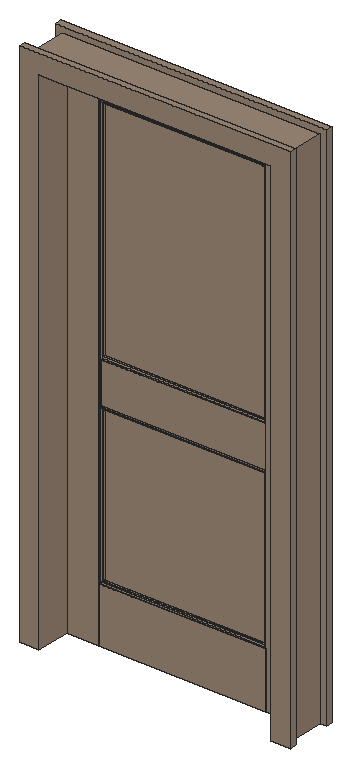
Revit family "Door-Exterior-Simpson-Traditional-2_Panel", category Doors, host Wall, Revit 2012
Parameters (values of type "SEE CATALOG")
  Wood Species Note = "Available in Any Wood Species"
  Wood Species = "http://simpsondoor.com/e-catalog/#10"
  WaterBarrier with UltraBlock Technology = no
  WaterBarrier Note = "This Door Comes with The Option of WaterBarrier with UltraBlock Technology. It is Turn Off as a Default"
  UltraBlock Option = yes
  UltraBlock Note = "This Door Comes with The Option of UltraBlock Technology. It is Turn On as a Default"
  URL = "http://www.simpsondoor.com/"
  Top Rail Height = 3 15/16"
  Thickness = 1 3/4"  # constant formula
  Rough Width = Width - (Frame Width * 2)  # 30"
  Rough Height = Height - Frame Width  # 77"
  Product Page URL = "http://www.simpsondoor.com/door-products/exterior/traditional-doors/"
  Product Documentation Link = "http://www.simpsondoor.com/technical-information/detail-drawings/6000/S-6170-102-608.5-0700.pdf"
  Panel Thickness = 3/4"
  Panel Stile Width = 5"
  Panel = Wood - Simpson Doors - Douglas Fir
  Model = "6173"
  Manufacturer = "Simpson Door Company"  # constant formula
  Lower Panel Height = 24 3/4"
  Lock Rail Height = 6 1/2"
  Height = 80"
  Function = 1
  Frame Width = 3"
  Frame = Wood - Simpson Doors - Douglas Fir
  Description = "Door"
  Default Sill Height = 0"  # constant formula
  Wall Closure = (empty or 0)
  Width = 36"
  Bottom Rail Height = 8 11/16"
  Assembly Code = "B2030230"
Values of the unnamed type that differ from the named types
  Function = Exterior
  Wall Closure = By host
Reference planes (in)
  plane 1 "Center (Front/Back)": y = 0
  plane 2: z = 0
  plane 3 "Center (Left/Right)": x = 0
  plane 4 "Left": x = -18
  plane 5 "Right": x = 18
  plane 6 "Sill": z = 0
  plane 7 "Top": z = 80
Lines and regions (in)
  Opening 1
    outline origin (-60, -3, 0) x (1, 0, 0) y (0, 0, 1)
      loop
        line (42, 80) -> (42, 0) -> (78, 0) -> (78, 80) -> (42, 80)
Text (in)
  text "EXTERIOR" at (-58.6888, 50.90694, 0), in view "Ref. Level"
  text "INTERIOR" at (-58.6888, -37.76638, 0), in view "Ref. Level"
  text "Exterior" at (0, 43.65631, 123.19604), in view "Left"
  text "Exterior" at (0, 18.29385, 125.04747), in view "Right"
Dimensions and locks (in)
  equal spacing: plane 4 "Left", plane 3 "Center (Left/Right)", plane 5 "Right"
  "Width": plane 4 "Left" to plane 5 "Right"
  "Height": plane 6 "Sill" to plane 7 "Top"
  "Default Sill Height": plane 2 to plane 6 "Sill"
  aligned and locked: plane 7 "Top" to Opening 1 sketch curve
  aligned and locked: plane 6 "Sill" to Opening 1 sketch curve  (x2)
  aligned and locked: plane 5 "Right" to Opening 1 sketch curve
  aligned and locked: plane 4 "Left" to Opening 1 sketch curve
  aligned and locked: level to plane 2
  aligned and locked: plane 3 "Center (Left/Right)" to nested 1
  aligned and locked: nested 2 to plane 4 "Left"
  aligned and locked: nested 3 to plane 3 "Center (Left/Right)"
  aligned and locked: host wall to nested 1
  aligned and locked: nested 4 to nested 1
  aligned and locked: nested 1 to nested 1
  aligned and locked: plane 6 "Sill" to nested 3
Nested families (in)
  nested 1: "Traditional-Door_Edge" at (0, 2.125, 0), type "Panel"
  nested 2: "Single Swing Door" at (0, 0, 0) x (-1, 0, 0) z (0, 0, 1), type "Swing"
    with Side Offset 5"
  nested 3: "Frame" at (0, 0, 0) x (-1, 0, 0) z (0, 0, 1), type "Standard"
    with Rough Height 82", Function 1, Height 80"
  nested 4: "Traditional-Panel_2_Panel" at (0, 2.125, 0), type "Panel"
Definition of nested family "Traditional-Door_Edge"
  Parameters (values of type "Panel")
    Width = 36"
    Top Offset = 3 15/16"
    Thickness = 1 3/4"
    Side Offset = 5"
    Panel Material = Wood - Simpson Doors - Douglas Fir
    Height = 80"
    Bottom Offset = 8 11/16"
  Reference planes (in)
    plane 1 "Center (Front/Back)": y = 0
    plane 2 "Bottom": z = 0
    plane 3 "Center (Left/Right)": x = 0
    plane 4: x = -18
    plane 5: y = 0.875
    plane 6: x = 18
    plane 7: y = -0.875
    plane 8: z = 80
    plane 9: x = 13
    plane 10: x = -13
    plane 11: z = 76.0625
    plane 12: y = -0.375
    plane 13: y = 0.375
    plane 14: z = 8.6875
  Forms (in)
    Extrusion 1, solid, material "Wood - Simpson Doors - Douglas Fir" <- "Panel Material"
      sketch origin (0, 0, 0) x (1, 0, 0) y (0, 0, 1)
        loop
          line (-18, 80) -> (-18, 0) -> (-13, 0) -> (-13, 80) -> (-18, 80)
        loop
          line (18, 80) -> (13, 80) -> (13, 0) -> (18, 0) -> (18, 80)
      from -0.875 to 0.875
    Extrusion 2, solid, material "Wood - Simpson Doors - Douglas Fir" <- "Panel Material"
      sketch origin (0, -0.875, 0) x (1, 0, 0) y (0, 0, 1)
        loop
          line (-13, 80) -> (-13, 76.0625) -> (13, 76.0625) -> (13, 80) -> (-13, 80)
        loop
          line (-13, 8.6875) -> (-13, 0) -> (13, 0) -> (13, 8.6875) -> (-13, 8.6875)
      from -1.75 to 0
  Dimensions and locks (in)
    equal spacing: plane 5, plane 1 "Center (Front/Back)", plane 7
    equal spacing: plane 4, plane 3 "Center (Left/Right)", plane 6
    "Width": plane 4 to plane 6
    "Thickness": plane 5 to plane 7
    "Height": plane 8 to level
    "Side Offset": plane 10 to plane 4
    "Top Offset": plane 8 to plane 11
    equal spacing: plane 13, plane 1 "Center (Front/Back)", plane 12
    plane 13 to plane 12 = 3/4"
    "Bottom Offset": plane 14 to plane 2 "Bottom"
    "Side Offset": plane 6 to plane 9
    aligned and locked: plane 2 "Bottom" to level
    aligned and locked: Extrusion 1 sketch curve to plane 4
    aligned and locked: Extrusion 1 sketch curve to plane 6
    aligned and locked: Extrusion 1 sketch curve to level  (x2)
    aligned and locked: Extrusion 1 sketch curve to plane 8  (x2)
    aligned and locked: plane 5 to Extrusion 1
    aligned and locked: Extrusion 1 to plane 7
    aligned and locked: Extrusion 1 to plane 9
    aligned and locked: Extrusion 2 sketch curve to Extrusion 1  (x2)
    aligned and locked: Extrusion 1 to Extrusion 2 sketch curve  (x2)
    aligned and locked: plane 11 to Extrusion 2 sketch curve
    aligned and locked: Extrusion 2 sketch curve to plane 9
    aligned and locked: Extrusion 2 sketch curve to plane 14
    aligned and locked: plane 10 to Extrusion 2 sketch curve
    aligned and locked: plane 5 to Extrusion 2
    aligned and locked: Extrusion 2 to plane 7
  Automatic sketch dimensions
    Extrusion 1 sketch curve to plane 10 = 0"
    Extrusion 1 sketch curve to plane 9 = 0"
Definition of nested family "Frame"
  Parameters (values of type "Standard")
    Rough Width = Width + 4"  # 40"
    Rough Height = Height + 2"  # 86"
    Function = (empty or 0)
    Frame Projection Ext. = 1"
    Frame Projection Int. = Frame Projection Ext.  # 1"
    Frame Width = 3"
    Height = 84"
    Wall Closure = (empty or 0)
    Width = 36"
    Frame = none
  Reference planes (in)
    plane 1 "Center (Front/Back)": y = 0
    plane 2 "Center (Left/Right)": x = 0
    plane 3 "Left": x = -18
    plane 4 "Right": x = 18
    plane 5 "Top": z = 84
    plane 6 "Exterior": y = 3
    plane 7 "Interior": y = -3
    plane 8: x = -21
    plane 9: x = 21
    plane 10: x = -20
    plane 11: x = 20
    plane 12: z = 86
    plane 13 "Bottom": z = 0
  Forms (in)
    Extrusion 1, solid, material <- "Frame"
      sketch origin (-90, 3, 0) x (-1, 0, 0) y (0, 0, 1)
        loop
          line (-108, 84) -> (-72, 84) -> (-72, 0) -> (-69, 0) -> (-69, 87) -> (-111, 87) -> (-111, 0) -> (-108, 0) -> (-108, 84)
      from 0 to 1
    Extrusion 2, solid, material <- "Frame"
      sketch origin (-90, -3, 0) x (1, 0, 0) y (0, 0, 1)
        loop
          line (72, 0) -> (72, 84) -> (108, 84) -> (108, 0) -> (111, 0) -> (111, 87) -> (69, 87) -> (69, 0) -> (72, 0)
      from 0 to 1
    Sweep 3, solid, material <- "Frame"
      path in 3D
        loop
          line (18, 4, 0) -> (18, 4, 84) -> (-18, 4, 84) -> (-18, 4, 0)
      profile origin (-18, 4, 42) x (1, 0, 0) y (0, 1, 0)
        loop
          line (0, -7) -> (0, -1) -> (-2, -1) -> (-2, -7) -> (0, -7)
  Cuts and joins
    joined: Extrusion 1, Extrusion 2, Sweep 3
  Lines and regions (in)
    Opening 1
      outline origin (-90, -3, 0) x (1, 0, 0) y (0, 0, 1)
        loop
          line (70, 0) -> (110, 0) -> (110, 86) -> (70, 86) -> (70, 0)
    Masking region 1, detail levels medium+fine
      outline origin (0, 0, 0) x (1, 0, 0) y (0, 1, 0)
        loop
          line (-18, 4) -> (-21, 4) -> (-21, 3) -> (-20, 3) -> (-20, -3) -> (-21, -3) -> (-21, -4) -> (-18, -4) -> (-18, 4)
        loop
          line (21, 4) -> (18, 4) -> (18, -4) -> (21, -4) -> (21, -3) -> (20, -3) -> (20, 3) -> (21, 3) -> (21, 4)
    Masking region 2, detail levels coarse
      outline origin (0, 0, 0) x (1, 0, 0) y (0, 1, 0)
        loop
          line (-18, 3) -> (-20, 3) -> (-20, -3) -> (-18, -3) -> (-18, 3)
        loop
          line (20, 3) -> (18, 3) -> (18, -3) -> (20, -3) -> (20, 3)
    sketch lines
      curve 1: line (-18, 4, 84) -> (-18, 4, 0)
      curve 2: line (18, 4, 84) -> (-18, 4, 84)
      curve 3: line (18, 4, 0) -> (18, 4, 84)
  Text (in)
    text "Exterior" at (-74.96733, 27.31104, 0), in view "Ref. Level"
    text "Interior" at (-74.96733, -25.14366, 0), in view "Ref. Level"
    text "Exterior" at (0, 40.15149, 123.01588), in view "Right"
    text "Interior" at (0, -64.39139, 123.01588), in view "Right"
    text "Interior" at (0, -31.01599, 123.00693), in view "Left"
    text "Exterior" at (0, 54.57065, 123.00693), in view "Left"
  Dimensions and locks (in)
    equal spacing: plane 3 "Left", plane 2 "Center (Left/Right)", plane 4 "Right"
    "Height": level to plane 5 "Top"
    "Frame Width": Extrusion 2 sketch curve to plane 3 "Left"
    "Frame Width": Extrusion 2 sketch curve to plane 4 "Right"
    "Frame Width": Extrusion 2 sketch curve to plane 5 "Top"
    "Frame Width": Extrusion 1 sketch curve to Extrusion 1 sketch curve  (x2)
    "Frame Width": Extrusion 1 sketch curve to plane 5 "Top"
    host wall to plane 5 "Top" = 84"
    "Frame Projection Int.": Extrusion 2 to host wall
    "Frame Projection Ext.": Extrusion 1 to host wall
    "Width": plane 3 "Left" to plane 4 "Right"
    "Frame Width": plane 8 to plane 3 "Left"
    "Frame Width": plane 4 "Right" to plane 9
    equal spacing: plane 10, plane 2 "Center (Left/Right)", plane 11
    "Rough Width": plane 10 to plane 11
    "Rough Height": level to plane 12
    aligned and locked: Opening 1 sketch curve to level
    aligned and locked: plane 5 "Top" to Extrusion 1 sketch curve  (x2)
    aligned and locked: plane 3 "Left" to Extrusion 1 sketch curve
    aligned and locked: Extrusion 1 sketch curve to plane 3 "Left"
    aligned and locked: level to Extrusion 1 sketch curve
    aligned and locked: plane 4 "Right" to Extrusion 1 sketch curve
    aligned and locked: Extrusion 1 to host wall
    aligned and locked: plane 3 "Left" to Extrusion 2 sketch curve
    aligned and locked: plane 5 "Top" to Extrusion 2 sketch curve  (x2)
    aligned and locked: plane 4 "Right" to Extrusion 2 sketch curve  (x2)
    aligned and locked: level to Extrusion 2 sketch curve
    aligned and locked: Extrusion 2 sketch curve to level
    aligned and locked: Extrusion 2 to host wall
    aligned and locked: plane 6 "Exterior" to host wall
    aligned and locked: plane 7 "Interior" to host wall
    aligned and locked: Opening 1 sketch curve to plane 11
    aligned and locked: plane 10 to Opening 1 sketch curve
    aligned and locked: Opening 1 sketch curve to plane 12
    aligned and locked: Sweep 3 sketch curve to plane 7 "Interior"
    aligned and locked: plane 13 "Bottom" to level
    aligned and locked: cut or joined group of Extrusion 1, Extrusion 2, Sweep 3 to Masking region 1 sketch curve  (x2)
    aligned and locked: Masking region 1 sketch curve to plane 3 "Left"
    aligned and locked: Masking region 1 sketch curve to plane 8  (x2)
    aligned and locked: Masking region 1 sketch curve to cut or joined group of Extrusion 1, Extrusion 2, Sweep 3  (x2)
    aligned and locked: Masking region 1 sketch curve to plane 7 "Interior"  (x2)
    aligned and locked: Masking region 1 sketch curve to plane 10
    aligned and locked: Masking region 1 sketch curve to plane 6 "Exterior"  (x2)
    aligned and locked: Masking region 1 sketch curve to plane 4 "Right"
    aligned and locked: plane 9 to Masking region 1 sketch curve  (x2)
    aligned and locked: plane 11 to Masking region 1 sketch curve
    aligned and locked: Masking region 2 sketch curve to plane 6 "Exterior"  (x2)
    aligned and locked: Masking region 2 sketch curve to plane 7 "Interior"  (x2)
    aligned and locked: Masking region 2 sketch curve to plane 3 "Left"
    aligned and locked: Masking region 2 sketch curve to plane 10
    aligned and locked: Masking region 2 sketch curve to plane 4 "Right"
    aligned and locked: plane 11 to Masking region 2 sketch curve
  Automatic sketch dimensions
    Extrusion 1 sketch curve to level = 0"
    Extrusion 2 sketch curve to level = 0"
    profile plane to Sweep 3 sketch curve = 1"
    profile plane to Sweep 3 sketch curve = 0"
    Sweep 3 sketch curve to profile plane = 2"
Definition of nested family "Traditional-Panel_2_Panel"
  Parameters (values of type "Panel")
    Width = 36"
    Thickness = 1 3/4"
    Panel Width = Width - (Stile Width * 2)  # 26"
    Lower Panel Height = 24 3/4"
    Insert Thickness = 3/4"
    Height = 80"
    Divide Width = 6 1/2"
    Divide Thickness = Thickness - (13/128" * 2)  # 1 35/64"
    Top Rail Height = 3 15/16"
    Stile Width = 5"
    Panel Material = Wood - Simpson Doors - Douglas Fir
    Insert Height = Height - Top Rail Height - Bottom Rail Height  # 67 3/8"
    Bottom Rail Height = 8 11/16"
  Reference planes (in)
    plane 1 "Center (Front/Back)": y = 0
    plane 2 "Bottom": z = 0
    plane 3 "Center (Left/Right)": x = 0
    plane 4: x = -18
    plane 5: y = 0.875
    plane 6: x = 18
    plane 7: y = -0.875
    plane 8: z = 80
    plane 9: x = 13
    plane 10: x = -13
    plane 11: z = 76.0625
    plane 12: y = -0.375
    plane 13: y = 0.375
    plane 14: z = 8.6875
  Forms (in)
    Extrusion 1, solid, material "Wood - Simpson Doors - Douglas Fir" <- "Panel Material"
      sketch origin (0, 0, 0) x (1, 0, 0) y (0, 0, 1)
        loop
          line (-13, 76.0625) -> (-13, 8.6875) -> (13, 8.6875) -> (13, 76.0625) -> (-13, 76.0625)
      from -0.375 to 0.375
    Sweep 2, solid, material "Wood - Simpson Doors - Douglas Fir" <- "Panel Material", detail levels medium+fine
      path origin (-50.72999, 0.375, 48) x (-1, 0, 0) y (0, 0, 1)
        loop
          line (-37.72999, 28.0625) -> (-63.72999, 28.0625) -> (-63.72999, -39.3125) -> (-37.72999, -39.3125) -> (-37.72999, 28.0625)
      profile "Traditional-Edge_Detail : Edge" origin (0, 0.375, 76.0625) x (0, 0, 1) y (0, -1, 0)
        loop
          line (-0.5, 0) -> (-0.49011, -0.11305)
          arc (-0.49011, -0.11305) -> (-0.46951, -0.15878) -> (-0.42492, -0.18175) r 0.07606
          line (-0.42492, -0.18175) -> (-0.37471, -0.1888)
          arc (-0.37471, -0.1888) -> (-0.33618, -0.30741) -> (-0.22747, -0.3685) r 0.17139
          line (-0.22747, -0.3685) -> (0, -0.40047) -> (0, 0) -> (-0.5, 0)
    Sweep 3, solid, material "Wood - Simpson Doors - Douglas Fir" <- "Panel Material", detail levels medium+fine
      path origin (-50.72999, -0.375, 48) x (-1, 0, 0) y (0, 0, 1)
        loop
          line (-37.72999, 28.0625) -> (-63.72999, 28.0625) -> (-63.72999, -39.3125) -> (-37.72999, -39.3125) -> (-37.72999, 28.0625)
      profile "Traditional-Edge_Detail : Edge" origin (0, -0.375, 76.0625) x (0, 0, -1) y (0, 1, 0)
        loop
          line (0.5, 0) -> (0, 0) -> (0, -0.40047) -> (0.22747, -0.3685)
          arc (0.22747, -0.3685) -> (0.33618, -0.30741) -> (0.37471, -0.1888) r 0.17139
          line (0.37471, -0.1888) -> (0.42492, -0.18175)
          arc (0.42492, -0.18175) -> (0.46951, -0.15878) -> (0.49011, -0.11305) r 0.07606
          line (0.49011, -0.11305) -> (0.5, 0)
  Lines and regions (in)
    reference lines
      curve 1: line (-18, -0.375, 33.4375) -> (18, -0.375, 33.4375)
  Dimensions and locks (in)
    equal spacing: plane 5, plane 1 "Center (Front/Back)", plane 7
    equal spacing: plane 4, plane 3 "Center (Left/Right)", plane 6
    "Width": plane 4 to plane 6
    "Thickness": plane 5 to plane 7
    "Height": plane 8 to level
    "Stile Width": plane 10 to plane 4
    "Top Rail Height": plane 8 to plane 11
    "Panel Width": plane 9 to plane 10
    equal spacing: plane 13, plane 1 "Center (Front/Back)", plane 12
    "Insert Thickness": plane 13 to plane 12
    "Bottom Rail Height": plane 14 to plane 2 "Bottom"
    "Lower Panel Height": curve 1 to plane 14
    aligned and locked: plane 2 "Bottom" to level
    aligned and locked: Extrusion 1 sketch curve to plane 11
    aligned and locked: Extrusion 1 to plane 9
    aligned and locked: Extrusion 1 to plane 12
    aligned and locked: Extrusion 1 to plane 13
    aligned and locked: Sweep 2 sketch curve to Extrusion 1  (x2)
    aligned and locked: Sweep 2 sketch curve to plane 11
    aligned and locked: plane 11 to Extrusion 1
    aligned and locked: plane 4 to curve 1
    aligned and locked: plane 6 to curve 1
    aligned and locked: curve 1 to nested 1
  Automatic sketch dimensions
    Extrusion 1 sketch curve to plane 10 = 0"
    Extrusion 1 sketch curve to plane 9 = 0"
    Extrusion 1 sketch curve to plane 14 = 0"
    Sweep 2 sketch curve to plane 10 = 0"
    Sweep 3 sketch curve to plane 9 = 0"
    Sweep 3 sketch curve to plane 10 = 0"
    Sweep 3 sketch curve to plane 14 = 0"
    Sweep 3 sketch curve to plane 11 = 0"
  Nested families (in)
    nested 1: "Traditional-Panel_Divide" at (0, 0, 36.6875) x (0, 0, 1) z (0, -1, 0), type "Horizontal"
  Definition of nested family "Traditional-Panel_Divide"
    Parameters (values of type "Traditional-Panel_Divide")
      Panel Finish = Wood - Simpson Doors - Douglas Fir
      Panel Thickness = 1 35/64"
      Divide Width = 3 1/2"
      Divide Height = 39 5/16"
      Default Elevation = 48"
    Types (3): name | Divide Width | Divide Height
      Traditional-Panel_Divide | 3 1/2" | 39 5/16"
      Horizontal | 6 1/2" | 26"
      Vertical | 3 1/2" | 67 3/8"
    Reference planes (in)
      plane 1 "Center (Front/Back)": y = 0
      plane 2: z = 0
      plane 3 "Center (Left/Right)": x = 0
      plane 4: y = 19.65625
      plane 5: y = -19.65625
      plane 6: x = -1.75
      plane 7: x = 1.75
      plane 8: z = 0.77344
      plane 9: z = -0.77344
    Forms (in)
      Extrusion 1, solid
        sketch origin (0, 0, 0) x (1, 0, 0) y (0, 1, 0)
          loop
            line (-48, 48) -> (-48, -48) -> (48, -48) -> (48, 48) -> (-48, 48)
        from 0 to -12
      Extrusion 2, solid, material "Wood - Simpson Doors - Douglas Fir" <- "Panel Finish"
        sketch origin (0, 0, 0) x (1, 0, 0) y (0, 1, 0)
          loop
            line (-1.75, 19.65625) -> (-1.75, -19.65625) -> (1.75, -19.65625) -> (1.75, 19.65625) -> (-1.75, 19.65625)
        from -0.77344 to 0.77344
      Sweep 3, solid, material "Wood - Simpson Doors - Douglas Fir" <- "Panel Finish", detail levels medium+fine
        path origin (0, 0, 0.62297) x (1, 0, 0) y (0, 1, 0)
          loop
            line (-1.75, 19.65625) -> (-1.75, -19.65625)
        profile "Craftsman-Edge_Detail : Edge" origin (-1.75, 0, 0.62297) x (1, 0, 0) y (0, 0, 1)
          loop
            line (-0.5, -0.25) -> (0, -0.25) -> (0, 0.15047) -> (-0.22747, 0.1185)
            arc (-0.22747, 0.1185) -> (-0.33618, 0.05741) -> (-0.37471, -0.0612) r 0.17139
            line (-0.37471, -0.0612) -> (-0.42492, -0.06825)
            arc (-0.42492, -0.06825) -> (-0.46951, -0.09122) -> (-0.49011, -0.13695) r 0.07606
            line (-0.49011, -0.13695) -> (-0.5, -0.25)
      Sweep 4, solid, material "Wood - Simpson Doors - Douglas Fir" <- "Panel Finish", detail levels medium+fine
        path origin (0, 0, 0.62297) x (-1, 0, 0) y (0, -1, 0)
          loop
            line (-1.75, -19.65625) -> (-1.75, 19.65625)
        profile "Craftsman-Edge_Detail : Edge" origin (1.75, 0, 0.62297) x (1, 0, 0) y (0, 0, 1)
          loop
            line (0.5, -0.25) -> (0.49011, -0.13695)
            arc (0.49011, -0.13695) -> (0.46951, -0.09122) -> (0.42492, -0.06825) r 0.07606
            line (0.42492, -0.06825) -> (0.37471, -0.0612)
            arc (0.37471, -0.0612) -> (0.33618, 0.05741) -> (0.22747, 0.1185) r 0.17139
            line (0.22747, 0.1185) -> (0, 0.15047) -> (0, -0.25) -> (0.5, -0.25)
      Sweep 5, solid, material "Wood - Simpson Doors - Douglas Fir" <- "Panel Finish", detail levels medium+fine
        path origin (0, 0, -0.62297) x (0, -1, 0) y (1, 0, 0)
          loop
            line (-19.65625, -1.75) -> (19.65625, -1.75)
        profile "Craftsman-Edge_Detail : Edge" origin (-1.75, 0, -0.62297) x (1, 0, 0) y (0, 0, 1)
          loop
            line (-0.5, 0.25) -> (-0.49011, 0.13695)
            arc (-0.49011, 0.13695) -> (-0.46951, 0.09122) -> (-0.42492, 0.06825) r 0.07606
            line (-0.42492, 0.06825) -> (-0.37471, 0.0612)
            arc (-0.37471, 0.0612) -> (-0.33618, -0.05741) -> (-0.22747, -0.1185) r 0.17139
            line (-0.22747, -0.1185) -> (0, -0.15047) -> (0, 0.25) -> (-0.5, 0.25)
      Sweep 6, solid, material "Wood - Simpson Doors - Douglas Fir" <- "Panel Finish", detail levels medium+fine
        path origin (0, 0, -0.62297) x (0, 1, 0) y (-1, 0, 0)
          loop
            line (19.65625, -1.75) -> (-19.65625, -1.75)
        profile "Craftsman-Edge_Detail : Edge" origin (1.75, 0, -0.62297) x (1, 0, 0) y (0, 0, 1)
          loop
            line (0.5, 0.25) -> (0, 0.25) -> (0, -0.15047) -> (0.22747, -0.1185)
            arc (0.22747, -0.1185) -> (0.33618, -0.05741) -> (0.37471, 0.0612) r 0.17139
            line (0.37471, 0.0612) -> (0.42492, 0.06825)
            arc (0.42492, 0.06825) -> (0.46951, 0.09122) -> (0.49011, 0.13695) r 0.07606
            line (0.49011, 0.13695) -> (0.5, 0.25)
    Dimensions and locks (in)
      equal spacing: plane 6, plane 3 "Center (Left/Right)", plane 7
      "Divide Width": plane 6 to plane 7
      "Divide Height": plane 4 to plane 5
      equal spacing: plane 4, plane 1 "Center (Front/Back)", plane 5
      "Panel Thickness": plane 8 to plane 9
      equal spacing: plane 8, level, plane 9
      aligned and locked: plane 2 to Extrusion 1
      aligned and locked: level to Extrusion 1
      aligned and locked: Extrusion 2 sketch curve to plane 4
      aligned and locked: plane 6 to Extrusion 2 sketch curve
      aligned and locked: plane 5 to Extrusion 2 sketch curve
      aligned and locked: Extrusion 2 sketch curve to plane 7
      aligned and locked: plane 8 to Extrusion 2
      aligned and locked: Extrusion 2 to plane 9
      aligned and locked: Sweep 4 sketch curve to plane 7
      aligned and locked: plane 4 to Sweep 4 sketch curve
      aligned and locked: plane 5 to Sweep 4 sketch curve
      aligned and locked: Sweep 5 sketch curve to plane 6
      aligned and locked: plane 4 to Sweep 5 sketch curve
      aligned and locked: plane 5 to Sweep 5 sketch curve
      aligned and locked: Sweep 6 sketch curve to plane 7
      aligned and locked: plane 4 to Sweep 6 sketch curve
      aligned and locked: plane 5 to Sweep 6 sketch curve
    Automatic sketch dimensions
      Extrusion 1 sketch curve to Extrusion 1 sketch curve = 96"  (x2)
      Sweep 3 sketch curve to plane 5 = 0"
      Sweep 3 sketch curve to plane 6 = 0"
      Sweep 3 sketch curve to plane 4 = 0"
Definition of nested family "Single Swing Door"
  Parameters (values of type "Swing")
    Width = 36"
    Thickness = 1 3/4"
    Side Offset = 8"
    Height = 80"
    Frame Projection Ext. = 1"
    Frame Projection Int. = 1"
    Frame Width = 3"
    Wall Closure = (empty or 0)
  Reference planes (in)
    plane 1 "Center (Front/Back)": y = 0
    plane 2 "Center (Left/Right)": x = 0
    plane 3 "Left": x = -18
    plane 4 "Right": x = 18
    plane 5 "Top": z = 80
    plane 6 "Exterior": y = 3
    plane 7 "Interior": y = -3
    plane 8 "Outside Interior": y = -4
  Lines and regions (in)
    symbolic lines, style "DoorsPanelProjection"
      curve 1: line (18, -3, 0) -> (18, -39, 0)
      curve 2: line (18, -39, 0) -> (16.25, -39, 0)
      curve 3: line (16.25, -39, 0) -> (16.25, -3, 0)
    symbolic lines
      curve 4: line (16.25, -3, 0) -> (18, -3, 0)
    symbolic lines, style "Plan Swing"
      curve 5: arc (18, -39, 0) -> (-7.45584, -28.45584, 0) -> (-18, -3, 0) r 36
    symbolic lines, style "Elevation Swing"
      curve 6: line (18, 3, 40) -> (-18, 3, 80)
      curve 7: line (-18, 3, 0) -> (18, 3, 40)
      curve 8: line (18, -4, 40) -> (-18, -4, 80)
      curve 9: line (-18, -4, 0) -> (18, -4, 40)
    symbolic lines, style "DoorsGlassProjection", detail levels medium+fine
      curve 10: line (16.25, -31, 0) -> (18, -31, 0)
      curve 11: line (16.25, -11, 0) -> (18, -11, 0)
      curve 12: line (17.125, -11, 0) -> (17.125, -31, 0)
  Text (in)
    text "Exterior" at (-74.96733, 27.31104, 0), in view "Ref. Level"
    text "Interior" at (-74.96733, -25.14366, 0), in view "Ref. Level"
    text "Exterior" at (0, 40.15149, 123.01588), in view "Right"
    text "Interior" at (0, -64.39139, 123.01588), in view "Right"
    text "Interior" at (0, -31.01599, 123.00693), in view "Left"
    text "Exterior" at (0, 54.57065, 123.00693), in view "Left"
  Dimensions and locks (in)
    equal spacing: plane 3 "Left", plane 2 "Center (Left/Right)", plane 4 "Right"
    "Height": level to plane 5 "Top"
    "Width": plane 3 "Left" to plane 4 "Right"
    equal spacing: host wall, curve 7, plane 5 "Top"
    "Width": curve 2 to plane 7 "Interior"
    "Thickness": curve 3 to curve 1
    equal spacing: plane 5 "Top", curve 9, level
    locked: plane 8 "Outside Interior" to plane 7 "Interior" at 1
    "Side Offset": curve 10 to curve 2
    "Side Offset": curve 11 to host wall
    aligned and locked: plane 6 "Exterior" to host wall
    aligned and locked: plane 7 "Interior" to host wall
    aligned and locked: plane 7 "Interior" to curve 4
    aligned and locked: plane 7 "Interior" to curve 5
    aligned and locked: plane 4 "Right" to curve 5
    aligned and locked: plane 4 "Right" to curve 6
    aligned and locked: plane 3 "Left" to curve 6
    aligned and locked: plane 5 "Top" to curve 6
    aligned and locked: level to curve 7
    aligned and locked: plane 3 "Left" to curve 7
    aligned and locked: curve 11 to curve 12
    aligned and locked: curve 10 to curve 12
    aligned and locked: curve 3 to curve 11
    aligned and locked: curve 1 to curve 11
  Automatic sketch dimensions
    curve 9 to level = 0"
    plane 3 "Left" to curve 8 = 0"
    curve 8 to plane 5 "Top" = 0"
    plane 4 "Right" to curve 9 = 0"
    plane 3 "Left" to curve 9 = 0"
    curve 10 to curve 12 = 7/8"
Types in the file's own list only (72): name | Top Rail Height | Rough Width | Rough Height | Product Documentation Link | Panel Thickness | Panel Stile Width | Model | Lower Panel Height | Lock Rail Height | Height | Function | Description | Wall Closure | Width | Bottom Rail Height
  82 Traditional 12x80 | 4 1/16" | 6" | 77" | "http://www.simpsondoor.com/door-products/search/detail/?BaseSpecificationID=2334" | 5/8" | 4 1/8" | "82" | 23 3/4" | 6 3/4" | 80" | Exterior | "Traditional - Two Panel" | By host | 12" | 8 13/16"
  82 Traditional 12x84 | 6 1/16" | 6" | 81" | "http://www.simpsondoor.com/door-products/search/detail/?BaseSpecificationID=2334" | 5/8" | 4 1/8" | "82" | 23 3/4" | 6 3/4" | 84" | Exterior | "Traditional - Two Panel" | By host | 12" | 10 13/16"
  82 Traditional 12x96 | 4 1/16" | 6" | 93" | "http://www.simpsondoor.com/door-products/search/detail/?BaseSpecificationID=2334" | 5/8" | 4 1/8" | "82" | 23 3/4" | 6 3/4" | 96" | Exterior | "Traditional - Two Panel" | By host | 12" | 8 13/16"
  82 Traditional 22x80 | 4 1/16" | 16" | 77" | "http://www.simpsondoor.com/door-products/search/detail/?BaseSpecificationID=2334" | 5/8" | 4 1/8" | "82" | 23 3/4" | 6 3/4" | 80" | Exterior | "Traditional - Two Panel" | By host | 22" | 8 13/16"
  82 Traditional 22x84 | 6 1/16" | 16" | 81" | "http://www.simpsondoor.com/door-products/search/detail/?BaseSpecificationID=2334" | 5/8" | 4 1/8" | "82" | 23 3/4" | 6 3/4" | 84" | Exterior | "Traditional - Two Panel" | By host | 22" | 10 13/16"
  82 Traditional 22x96 | 4 1/16" | 16" | 93" | "http://www.simpsondoor.com/door-products/search/detail/?BaseSpecificationID=2334" | 5/8" | 4 1/8" | "82" | 23 3/4" | 6 3/4" | 96" | Exterior | "Traditional - Two Panel" | By host | 22" | 8 13/16"
  82 Traditional 24x80 | 4 1/16" | 18" | 77" | "http://www.simpsondoor.com/door-products/search/detail/?BaseSpecificationID=2334" | 5/8" | 4 1/8" | "82" | 23 3/4" | 6 3/4" | 80" | Exterior | "Traditional - Two Panel" | By host | 24" | 8 13/16"
  82 Traditional 24x84 | 6 1/16" | 18" | 81" | "http://www.simpsondoor.com/door-products/search/detail/?BaseSpecificationID=2334" | 5/8" | 4 1/8" | "82" | 23 3/4" | 6 3/4" | 84" | Exterior | "Traditional - Two Panel" | By host | 24" | 10 13/16"
  82 Traditional 24x96 | 4 1/16" | 18" | 93" | "http://www.simpsondoor.com/door-products/search/detail/?BaseSpecificationID=2334" | 5/8" | 4 1/8" | "82" | 23 3/4" | 6 3/4" | 96" | Exterior | "Traditional - Two Panel" | By host | 24" | 8 13/16"
  82 Traditional 26x80 | 4 1/16" | 20" | 77" | "http://www.simpsondoor.com/door-products/search/detail/?BaseSpecificationID=2334" | 5/8" | 4 1/8" | "82" | 23 3/4" | 6 3/4" | 80" | Exterior | "Traditional - Two Panel" | By host | 26" | 8 13/16"
  82 Traditional 26x84 | 6 1/16" | 20" | 81" | "http://www.simpsondoor.com/door-products/search/detail/?BaseSpecificationID=2334" | 5/8" | 4 1/8" | "82" | 23 3/4" | 6 3/4" | 84" | Exterior | "Traditional - Two Panel" | By host | 26" | 10 13/16"
  82 Traditional 26x96 | 4 1/16" | 20" | 93" | "http://www.simpsondoor.com/door-products/search/detail/?BaseSpecificationID=2334" | 5/8" | 4 1/8" | "82" | 23 3/4" | 6 3/4" | 96" | Exterior | "Traditional - Two Panel" | By host | 26" | 8 13/16"
  82 Traditional 28x80 | 4 1/16" | 22" | 77" | "http://www.simpsondoor.com/door-products/search/detail/?BaseSpecificationID=2334" | 5/8" | 4 1/8" | "82" | 23 3/4" | 6 3/4" | 80" | Exterior | "Traditional - Two Panel" | By host | 28" | 8 13/16"
  82 Traditional 28x84 | 6 1/16" | 22" | 81" | "http://www.simpsondoor.com/door-products/search/detail/?BaseSpecificationID=2334" | 5/8" | 4 1/8" | "82" | 23 3/4" | 6 3/4" | 84" | Exterior | "Traditional - Two Panel" | By host | 28" | 10 13/16"
  82 Traditional 28x96 | 4 1/16" | 22" | 93" | "http://www.simpsondoor.com/door-products/search/detail/?BaseSpecificationID=2334" | 5/8" | 4 1/8" | "82" | 23 3/4" | 6 3/4" | 96" | Exterior | "Traditional - Two Panel" | By host | 28" | 8 13/16"
  82 Traditional 30x80 | 4 1/16" | 24" | 77" | "http://www.simpsondoor.com/door-products/search/detail/?BaseSpecificationID=2334" | 5/8" | 4 1/8" | "82" | 23 3/4" | 6 3/4" | 80" | Exterior | "Traditional - Two Panel" | By host | 30" | 8 13/16"
  82 Traditional 30x84 | 6 1/16" | 24" | 81" | "http://www.simpsondoor.com/door-products/search/detail/?BaseSpecificationID=2334" | 5/8" | 4 1/8" | "82" | 23 3/4" | 6 3/4" | 84" | Exterior | "Traditional - Two Panel" | By host | 30" | 10 13/16"
  82 Traditional 30x96 | 4 1/16" | 24" | 93" | "http://www.simpsondoor.com/door-products/search/detail/?BaseSpecificationID=2334" | 5/8" | 4 1/8" | "82" | 23 3/4" | 6 3/4" | 96" | Exterior | "Traditional - Two Panel" | By host | 30" | 8 13/16"
  82 Traditional 32x80 | 4 1/16" | 26" | 77" | "http://www.simpsondoor.com/door-products/search/detail/?BaseSpecificationID=2334" | 5/8" | 4 1/8" | "82" | 23 3/4" | 6 3/4" | 80" | Exterior | "Traditional - Two Panel" | By host | 32" | 8 13/16"
  82 Traditional 32x84 | 6 1/16" | 26" | 81" | "http://www.simpsondoor.com/door-products/search/detail/?BaseSpecificationID=2334" | 5/8" | 4 1/8" | "82" | 23 3/4" | 6 3/4" | 84" | Exterior | "Traditional - Two Panel" | By host | 32" | 10 13/16"
  82 Traditional 32x96 | 4 1/16" | 26" | 93" | "http://www.simpsondoor.com/door-products/search/detail/?BaseSpecificationID=2334" | 5/8" | 4 1/8" | "82" | 23 3/4" | 6 3/4" | 96" | Exterior | "Traditional - Two Panel" | By host | 32" | 8 13/16"
  82 Traditional 34x80 | 4 1/16" | 28" | 77" | "http://www.simpsondoor.com/door-products/search/detail/?BaseSpecificationID=2334" | 5/8" | 4 1/8" | "82" | 23 3/4" | 6 3/4" | 80" | Exterior | "Traditional - Two Panel" | By host | 34" | 8 13/16"
  82 Traditional 34x84 | 6 1/16" | 28" | 81" | "http://www.simpsondoor.com/door-products/search/detail/?BaseSpecificationID=2334" | 5/8" | 4 1/8" | "82" | 23 3/4" | 6 3/4" | 84" | Exterior | "Traditional - Two Panel" | By host | 34" | 10 13/16"
  82 Traditional 34x96 | 4 1/16" | 28" | 93" | "http://www.simpsondoor.com/door-products/search/detail/?BaseSpecificationID=2334" | 5/8" | 4 1/8" | "82" | 23 3/4" | 6 3/4" | 96" | Exterior | "Traditional - Two Panel" | By host | 34" | 8 13/16"
  82 Traditional 36x80 | 4 1/16" | 30" | 77" | "http://www.simpsondoor.com/door-products/search/detail/?BaseSpecificationID=2334" | 5/8" | 4 1/8" | "82" | 23 3/4" | 6 3/4" | 80" | Exterior | "Traditional - Two Panel" | By host | 36" | 8 13/16"
  82 Traditional 36x84 | 6 1/16" | 30" | 81" | "http://www.simpsondoor.com/door-products/search/detail/?BaseSpecificationID=2334" | 5/8" | 4 1/8" | "82" | 23 3/4" | 6 3/4" | 84" | Exterior | "Traditional - Two Panel" | By host | 36" | 10 13/16"
  82 Traditional 36x96 | 4 1/16" | 30" | 93" | "http://www.simpsondoor.com/door-products/search/detail/?BaseSpecificationID=2334" | 5/8" | 4 1/8" | "82" | 23 3/4" | 6 3/4" | 96" | Exterior | "Traditional - Two Panel" | By host | 36" | 8 13/16"
  82 Traditional 38x80 | 4 1/16" | 32" | 77" | "http://www.simpsondoor.com/door-products/search/detail/?BaseSpecificationID=2334" | 5/8" | 4 1/8" | "82" | 23 3/4" | 6 3/4" | 80" | Exterior | "Traditional - Two Panel" | By host | 38" | 8 13/16"
  82 Traditional 38x84 | 6 1/16" | 32" | 81" | "http://www.simpsondoor.com/door-products/search/detail/?BaseSpecificationID=2334" | 5/8" | 4 1/8" | "82" | 23 3/4" | 6 3/4" | 84" | Exterior | "Traditional - Two Panel" | By host | 38" | 10 13/16"
  82 Traditional 38x96 | 4 1/16" | 32" | 93" | "http://www.simpsondoor.com/door-products/search/detail/?BaseSpecificationID=2334" | 5/8" | 4 1/8" | "82" | 23 3/4" | 6 3/4" | 96" | Exterior | "Traditional - Two Panel" | By host | 38" | 8 13/16"
  82 Traditional 40x80 | 4 1/16" | 34" | 77" | "http://www.simpsondoor.com/door-products/search/detail/?BaseSpecificationID=2334" | 5/8" | 4 1/8" | "82" | 23 3/4" | 6 3/4" | 80" | Exterior | "Traditional - Two Panel" | By host | 40" | 8 13/16"
  82 Traditional 40x84 | 6 1/16" | 34" | 81" | "http://www.simpsondoor.com/door-products/search/detail/?BaseSpecificationID=2334" | 5/8" | 4 1/8" | "82" | 23 3/4" | 6 3/4" | 84" | Exterior | "Traditional - Two Panel" | By host | 40" | 10 13/16"
  82 Traditional 40x96 | 4 1/16" | 34" | 93" | "http://www.simpsondoor.com/door-products/search/detail/?BaseSpecificationID=2334" | 5/8" | 4 1/8" | "82" | 23 3/4" | 6 3/4" | 96" | Exterior | "Traditional - Two Panel" | By host | 40" | 8 13/16"
  82 Traditional 42x80 | 4 1/16" | 36" | 77" | "http://www.simpsondoor.com/door-products/search/detail/?BaseSpecificationID=2334" | 5/8" | 4 1/8" | "82" | 23 3/4" | 6 3/4" | 80" | Exterior | "Traditional - Two Panel" | By host | 42" | 8 13/16"
  82 Traditional 42x84 | 6 1/16" | 36" | 81" | "http://www.simpsondoor.com/door-products/search/detail/?BaseSpecificationID=2334" | 5/8" | 4 1/8" | "82" | 23 3/4" | 6 3/4" | 84" | Exterior | "Traditional - Two Panel" | By host | 42" | 10 13/16"
  82 Traditional 42x96 | 4 1/16" | 36" | 93" | "http://www.simpsondoor.com/door-products/search/detail/?BaseSpecificationID=2334" | 5/8" | 4 1/8" | "82" | 23 3/4" | 6 3/4" | 96" | Exterior | "Traditional - Two Panel" | By host | 42" | 8 13/16"
  7282 Traditional 12x80 | 3 15/16" | 6" | 77" | "http://www.simpsondoor.com/door-products/search/detail/?BaseSpecificationID=1541" | 3/4" | 4" | "7282" | 24" | 6 1/2" | 80" | Exterior | "Traditional - Two Panel" | By host | 12" | 8 11/16"
  7282 Traditional 12x84 | 5 15/16" | 6" | 81" | "http://www.simpsondoor.com/door-products/search/detail/?BaseSpecificationID=1541" | 3/4" | 4" | "7282" | 24" | 6 1/2" | 84" | Exterior | "Traditional - Two Panel" | By host | 12" | 10 11/16"
  7282 Traditional 12x96 | 3 15/16" | 6" | 93" | "http://www.simpsondoor.com/door-products/search/detail/?BaseSpecificationID=1541" | 3/4" | 4" | "7282" | 24" | 6 1/2" | 96" | Exterior | "Traditional - Two Panel" | By host | 12" | 8 11/16"
  7282 Traditional 22x80 | 3 15/16" | 16" | 77" | "http://www.simpsondoor.com/door-products/search/detail/?BaseSpecificationID=1541" | 3/4" | 4" | "7282" | 24" | 6 1/2" | 80" | Exterior | "Traditional - Two Panel" | By host | 22" | 8 11/16"
  7282 Traditional 22x84 | 5 15/16" | 16" | 81" | "http://www.simpsondoor.com/door-products/search/detail/?BaseSpecificationID=1541" | 3/4" | 4" | "7282" | 24" | 6 1/2" | 84" | Exterior | "Traditional - Two Panel" | By host | 22" | 10 11/16"
  7282 Traditional 22x96 | 3 15/16" | 16" | 93" | "http://www.simpsondoor.com/door-products/search/detail/?BaseSpecificationID=1541" | 3/4" | 4" | "7282" | 24" | 6 1/2" | 96" | Exterior | "Traditional - Two Panel" | By host | 22" | 8 11/16"
  7282 Traditional 24x80 | 3 15/16" | 18" | 77" | "http://www.simpsondoor.com/door-products/search/detail/?BaseSpecificationID=1541" | 3/4" | 4" | "7282" | 24" | 6 1/2" | 80" | Exterior | "Traditional - Two Panel" | By host | 24" | 8 11/16"
  7282 Traditional 24x84 | 5 15/16" | 18" | 81" | "http://www.simpsondoor.com/door-products/search/detail/?BaseSpecificationID=1541" | 3/4" | 4" | "7282" | 24" | 6 1/2" | 84" | Exterior | "Traditional - Two Panel" | By host | 24" | 10 11/16"
  7282 Traditional 24x96 | 3 15/16" | 18" | 93" | "http://www.simpsondoor.com/door-products/search/detail/?BaseSpecificationID=1541" | 3/4" | 4" | "7282" | 24" | 6 1/2" | 96" | Exterior | "Traditional - Two Panel" | By host | 24" | 8 11/16"
  7282 Traditional 26x80 | 3 15/16" | 20" | 77" | "http://www.simpsondoor.com/door-products/search/detail/?BaseSpecificationID=1541" | 3/4" | 4" | "7282" | 24" | 6 1/2" | 80" | Exterior | "Traditional - Two Panel" | By host | 26" | 8 11/16"
  7282 Traditional 26x84 | 5 15/16" | 20" | 81" | "http://www.simpsondoor.com/door-products/search/detail/?BaseSpecificationID=1541" | 3/4" | 4" | "7282" | 24" | 6 1/2" | 84" | Exterior | "Traditional - Two Panel" | By host | 26" | 10 11/16"
  7282 Traditional 26x96 | 3 15/16" | 20" | 93" | "http://www.simpsondoor.com/door-products/search/detail/?BaseSpecificationID=1541" | 3/4" | 4" | "7282" | 24" | 6 1/2" | 96" | Exterior | "Traditional - Two Panel" | By host | 26" | 8 11/16"
  7282 Traditional 28x80 | 3 15/16" | 22" | 77" | "http://www.simpsondoor.com/door-products/search/detail/?BaseSpecificationID=1541" | 3/4" | 4" | "7282" | 24" | 6 1/2" | 80" | Exterior | "Traditional - Two Panel" | By host | 28" | 8 11/16"
  7282 Traditional 28x84 | 5 15/16" | 22" | 81" | "http://www.simpsondoor.com/door-products/search/detail/?BaseSpecificationID=1541" | 3/4" | 4" | "7282" | 24" | 6 1/2" | 84" | Exterior | "Traditional - Two Panel" | By host | 28" | 10 11/16"
  7282 Traditional 28x96 | 3 15/16" | 22" | 93" | "http://www.simpsondoor.com/door-products/search/detail/?BaseSpecificationID=1541" | 3/4" | 4" | "7282" | 24" | 6 1/2" | 96" | Exterior | "Traditional - Two Panel" | By host | 28" | 8 11/16"
  7282 Traditional 30x80 | 3 15/16" | 24" | 77" | "http://www.simpsondoor.com/door-products/search/detail/?BaseSpecificationID=1541" | 3/4" | 4" | "7282" | 24" | 6 1/2" | 80" | Exterior | "Traditional - Two Panel" | By host | 30" | 8 11/16"
  7282 Traditional 30x84 | 5 15/16" | 24" | 81" | "http://www.simpsondoor.com/door-products/search/detail/?BaseSpecificationID=1541" | 3/4" | 4" | "7282" | 24" | 6 1/2" | 84" | Exterior | "Traditional - Two Panel" | By host | 30" | 10 11/16"
  7282 Traditional 30x96 | 3 15/16" | 24" | 93" | "http://www.simpsondoor.com/door-products/search/detail/?BaseSpecificationID=1541" | 3/4" | 4" | "7282" | 24" | 6 1/2" | 96" | Exterior | "Traditional - Two Panel" | By host | 30" | 8 11/16"
  7282 Traditional 32x80 | 3 15/16" | 26" | 77" | "http://www.simpsondoor.com/door-products/search/detail/?BaseSpecificationID=1541" | 3/4" | 4" | "7282" | 24" | 6 1/2" | 80" | Exterior | "Traditional - Two Panel" | By host | 32" | 8 11/16"
  7282 Traditional 32x84 | 5 15/16" | 26" | 81" | "http://www.simpsondoor.com/door-products/search/detail/?BaseSpecificationID=1541" | 3/4" | 4" | "7282" | 24" | 6 1/2" | 84" | Exterior | "Traditional - Two Panel" | By host | 32" | 10 11/16"
  7282 Traditional 32x96 | 3 15/16" | 26" | 93" | "http://www.simpsondoor.com/door-products/search/detail/?BaseSpecificationID=1541" | 3/4" | 4" | "7282" | 24" | 6 1/2" | 96" | Exterior | "Traditional - Two Panel" | By host | 32" | 8 11/16"
  7282 Traditional 34x80 | 3 15/16" | 28" | 77" | "http://www.simpsondoor.com/door-products/search/detail/?BaseSpecificationID=1541" | 3/4" | 4" | "7282" | 24" | 6 1/2" | 80" | Exterior | "Traditional - Two Panel" | By host | 34" | 8 11/16"
  7282 Traditional 34x84 | 5 15/16" | 28" | 81" | "http://www.simpsondoor.com/door-products/search/detail/?BaseSpecificationID=1541" | 3/4" | 4" | "7282" | 24" | 6 1/2" | 84" | Exterior | "Traditional - Two Panel" | By host | 34" | 10 11/16"
  7282 Traditional 34x96 | 3 15/16" | 28" | 93" | "http://www.simpsondoor.com/door-products/search/detail/?BaseSpecificationID=1541" | 3/4" | 4" | "7282" | 24" | 6 1/2" | 96" | Exterior | "Traditional - Two Panel" | By host | 34" | 8 11/16"
  7282 Traditional 36x80 | 3 15/16" | 30" | 77" | "http://www.simpsondoor.com/door-products/search/detail/?BaseSpecificationID=1541" | 3/4" | 4" | "7282" | 24" | 6 1/2" | 80" | Exterior | "Traditional - Two Panel" | By host | 36" | 8 11/16"
  7282 Traditional 36x84 | 5 15/16" | 30" | 81" | "http://www.simpsondoor.com/door-products/search/detail/?BaseSpecificationID=1541" | 3/4" | 4" | "7282" | 24" | 6 1/2" | 84" | Exterior | "Traditional - Two Panel" | By host | 36" | 10 11/16"
  7282 Traditional 36x96 | 3 15/16" | 30" | 93" | "http://www.simpsondoor.com/door-products/search/detail/?BaseSpecificationID=1541" | 3/4" | 4" | "7282" | 24" | 6 1/2" | 96" | Exterior | "Traditional - Two Panel" | By host | 36" | 8 11/16"
  7282 Traditional 38x80 | 3 15/16" | 32" | 77" | "http://www.simpsondoor.com/door-products/search/detail/?BaseSpecificationID=1541" | 3/4" | 4" | "7282" | 24" | 6 1/2" | 80" | Exterior | "Traditional - Two Panel" | By host | 38" | 8 11/16"
  7282 Traditional 38x84 | 5 15/16" | 32" | 81" | "http://www.simpsondoor.com/door-products/search/detail/?BaseSpecificationID=1541" | 3/4" | 4" | "7282" | 24" | 6 1/2" | 84" | Exterior | "Traditional - Two Panel" | By host | 38" | 10 11/16"
  7282 Traditional 38x96 | 3 15/16" | 32" | 93" | "http://www.simpsondoor.com/door-products/search/detail/?BaseSpecificationID=1541" | 3/4" | 4" | "7282" | 24" | 6 1/2" | 96" | Exterior | "Traditional - Two Panel" | By host | 38" | 8 11/16"
  7282 Traditional 40x80 | 3 15/16" | 34" | 77" | "http://www.simpsondoor.com/door-products/search/detail/?BaseSpecificationID=1541" | 3/4" | 4" | "7282" | 24" | 6 1/2" | 80" | Exterior | "Traditional - Two Panel" | By host | 40" | 8 11/16"
  7282 Traditional 40x84 | 5 15/16" | 34" | 81" | "http://www.simpsondoor.com/door-products/search/detail/?BaseSpecificationID=1541" | 3/4" | 4" | "7282" | 24" | 6 1/2" | 84" | Exterior | "Traditional - Two Panel" | By host | 40" | 10 11/16"
  7282 Traditional 40x96 | 3 15/16" | 34" | 93" | "http://www.simpsondoor.com/door-products/search/detail/?BaseSpecificationID=1541" | 3/4" | 4" | "7282" | 24" | 6 1/2" | 96" | Exterior | "Traditional - Two Panel" | By host | 40" | 8 11/16"
  7282 Traditional 42x80 | 3 15/16" | 36" | 77" | "http://www.simpsondoor.com/door-products/search/detail/?BaseSpecificationID=1541" | 3/4" | 4" | "7282" | 24" | 6 1/2" | 80" | Exterior | "Traditional - Two Panel" | By host | 42" | 8 11/16"
  7282 Traditional 42x84 | 5 15/16" | 36" | 81" | "http://www.simpsondoor.com/door-products/search/detail/?BaseSpecificationID=1541" | 3/4" | 4" | "7282" | 24" | 6 1/2" | 84" | Exterior | "Traditional - Two Panel" | By host | 42" | 10 11/16"
  7282 Traditional 42x96 | 3 15/16" | 36" | 93" | "http://www.simpsondoor.com/door-products/search/detail/?BaseSpecificationID=1541" | 3/4" | 4" | "7282" | 24" | 6 1/2" | 96" | Exterior | "Traditional - Two Panel" | By host | 42" | 8 11/16"
